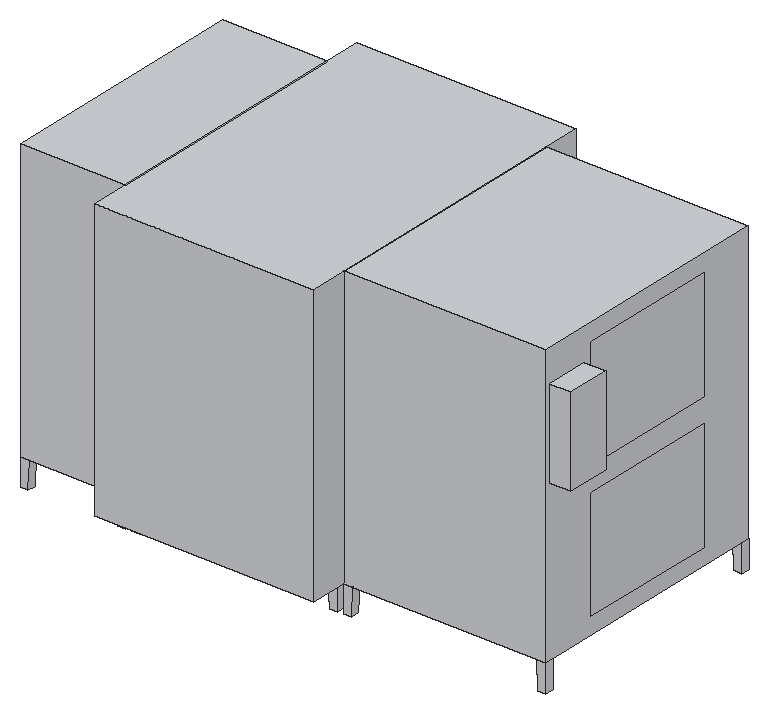
Revit family "AHU 11 _11", category Mechanické zařízení, Revit 2018
Family settings
  Kóta kulaté spojky = Použít průměr
  Typ dílu = Normální
  Číslo OmniClass = 23.75.00.00
  Nadpis OmniClass = Climate Control (HVAC)
  Založené na pracovní rovině = Ne
  Vždy vertikální = Ano
  Ořezat dutým tvarem při načtení = Ne
  Sdílené = Ne
  Bod výpočtu místnosti = Ne
Parameters (values of type "DUPLEXVENT 9000 Multi Eco")
  Width [instance] = 2.1 mm
  Weight [instance] = 1263.00 kg
  URL = ""
  Type [instance] = "DUPLEXVENT 9000 Multi Eco"
  Total_SFP [instance] = 0
  Supply_outlet_hum [instance] = 90
  Supply_inlet_hum [instance] = 90
  Supply_ext_pressure [instance] = 0.0 Pa
  Supply_SFP [instance] = 0
  Source_adu_file [instance] = ""
  Recuperation_type [instance] = "Plate heat recovery exchanger"
  Recuperation_efficiency_EN308 [instance] = 0
  Project_name [instance] = ""
  Project_date [instance] = "10.8.2023"
  Power_supply_fusing [instance] = "0"
  Power_supply_cable [instance] = "0"
  Position [instance] = "AHU 11 "
  Phases_count [instance] = 3
  Panel_thickness [instance] = 0.06 mm
  Outer_surface [instance] = "RAL 9002"
  Length [instance] = 3.37 mm
  Insulation_type [instance] = "PUR"
  Insulation_thickness [instance] = 0.05 mm
  Installation_environment [instance] = ""
  Input_power_max [instance] = 10400 W
  Inner_surface [instance] = "Pozink"
  I2 [instance] = I1  # 0.0 L/s
  Height [instance] = 1.795 mm
  Exhaust_outlet_hum [instance] = 40
  Exhaust_inlet_hum [instance] = 40
  Exhaust_ext_pressure [instance] = 0.0 Pa
  Exhaust_SFP [instance] = 0
  E1 [instance] = E2 - M1  # 0.0 L/s
  E2 [instance] = 0.0 L/s
  I1 [instance] = 0.0 L/s
  Description = ""
  M1 [instance] = 0.0 L/s
  Device_dutypoint_version [instance] = "0"
  Device_design_version [instance] = "9"
  Device_adu_id [instance] = "11"
  Current_max [instance] = 16.8 A
  Casing_mat [instance] = "painted zinc layer"
  Cable type [instance] = "CYKY 5Jx4"
Reference planes
  plane 1 "Střed (vpředu/vzadu)": y = 0
  plane 2 "ref": z = 0
  plane 3 "Střed (vlevo/vpravo)": x = 0
Forms (mm)
  Sweep 1, solid
    path origin (0, 0, 0) x (0, 0, 1) y (1, 0, 0)
      loop
        line (0, 0) -> (1795, 0)
    profile origin (0, 0, 0) x (1, 0, 0) y (0, 1, 0)
      loop
        line (0, 0) -> (671, 0) -> (671, 1620) -> (0, 1620) -> (0, 0)
  Sweep 2, solid
    path origin (0, 0, 0) x (0, 0, 1) y (1, 0, 0)
      loop
        line (0, 0) -> (1795, 0)
    profile origin (0, 0, 0) x (1, 0, 0) y (0, 1, 0)
      loop
        line (671, -240) -> (2074, -240) -> (2074, 1860) -> (671, 1860) -> (671, -240)
  Sweep 3, solid
    path origin (0, 0, 0) x (0, 0, 1) y (1, 0, 0)
      loop
        line (0, 0) -> (1795, 0)
    profile origin (0, 0, 0) x (1, 0, 0) y (0, 1, 0)
      loop
        line (2074, 0) -> (3367, 0) -> (3367, 1620) -> (2074, 1620) -> (2074, 0)
  Sweep 4, solid
    path origin (1, 810, 465) x (0, 1, 0) y (-1, 0, 0)
      loop
        line (0, 0) -> (0, 1)
    profile origin (1, 810, 465) x (0, -1, 0) y (0, 0, 1)
      loop
        line (-450, -355) -> (450, -355) -> (450, 355) -> (-450, 355) -> (-450, -355)
  Sweep 5, solid
    path origin (3369, 810, 1330) x (1, 0, 0) y (0, 1, 0)
      loop
        line (0, 0) -> (1, 0)
    profile origin (3369, 810, 1330) x (0, 1, 0) y (0, 0, 1)
      loop
        line (-450, 355) -> (-450, -355) -> (450, -355) -> (450, 355) -> (-450, 355)
  Sweep 6, solid
    path origin (3369, 810, 465) x (1, 0, 0) y (0, 1, 0)
      loop
        line (0, 0) -> (1, 0)
    profile origin (3369, 810, 465) x (0, 1, 0) y (0, 0, 1)
      loop
        line (-450, 355) -> (-450, -355) -> (450, -355) -> (450, 355) -> (-450, 355)
  Sweep 7, solid
    path origin (1, 810, 1330) x (0, 1, 0) y (-1, 0, 0)
      loop
        line (0, 0) -> (0, 1)
    profile origin (1, 810, 1330) x (0, -1, 0) y (0, 0, 1)
      loop
        line (-450, -355) -> (450, -355) -> (450, 355) -> (-450, 355) -> (-450, -355)
  Sweep 8, solid
    path origin (2613, 360, 0) x (0, -1, 0) y (0, 0, 1)
      loop
        line (0, 0) -> (0, -142)
    profile origin (2613, 360, 0) x (-1, 0, 0) y (0, -1, 0)
      loop
        circle (0, 0) r 8
  Sweep 9, solid
    path origin (2621, 360, -150) x (0, 0, -1) y (1, 0, 0)
      loop
        line (0, 0) -> (0, 14)
    profile origin (2621, 360, -150) x (0, 0, 1) y (0, -1, 0)
      loop
        circle (0, 0) r 8
  Sweep 10, solid
    path origin (2643, 360, -142) x (0, -1, 0) y (0, 0, 1)
      loop
        line (0, 0) -> (0, 59)
    profile origin (2643, 360, -142) x (0, 1, 0) y (-1, 0, 0)
      loop
        circle (0, 0) r 8
  Sweep 11, solid
    path origin (2651, 360, -75) x (0, 0, -1) y (1, 0, 0)
      loop
        line (0, 0) -> (0, 22)
    profile origin (2651, 360, -75) x (0, 0, 1) y (0, -1, 0)
      loop
        circle (0, 0) r 8
  Sweep 12, solid
    path origin (970, 360, 0) x (0, -1, 0) y (0, 0, 1)
      loop
        line (0, 0) -> (0, -142)
    profile origin (970, 360, 0) x (-1, 0, 0) y (0, -1, 0)
      loop
        circle (0, 0) r 8
  Sweep 13, solid
    path origin (978, 360, -150) x (0, 0, -1) y (1, 0, 0)
      loop
        line (0, 0) -> (0, 14)
    profile origin (978, 360, -150) x (0, 0, 1) y (0, -1, 0)
      loop
        circle (0, 0) r 8
  Sweep 14, solid
    path origin (1000, 360, -142) x (0, -1, 0) y (0, 0, 1)
      loop
        line (0, 0) -> (0, 59)
    profile origin (1000, 360, -142) x (0, 1, 0) y (-1, 0, 0)
      loop
        circle (0, 0) r 8
  Sweep 15, solid
    path origin (1008, 360, -75) x (0, 0, -1) y (1, 0, 0)
      loop
        line (0, 0) -> (0, 22)
    profile origin (1008, 360, -75) x (0, 0, 1) y (0, -1, 0)
      loop
        circle (0, 0) r 8
  Sweep 16, solid
    path origin (25, 50, 0) x (1, 0, 0) y (0, 1, 0)
      loop
        line (0, 0) -> (0, -50)
    profile origin (25, 50, 0) x (1, 0, 0) y (0, 0, 1)
      loop
        line (-25, 0) -> (-25, -175) -> (25, -175) -> (35, 0) -> (-25, 0)
  Sweep 17, solid
    path origin (3345, 50, 0) x (1, 0, 0) y (0, 1, 0)
      loop
        line (0, 0) -> (0, -50)
    profile origin (3345, 50, 0) x (1, 0, 0) y (0, 0, 1)
      loop
        line (-35, 0) -> (-25, -175) -> (25, -175) -> (25, 0) -> (-35, 0)
  Sweep 18, solid
    path origin (25, 1620, 0) x (1, 0, 0) y (0, 1, 0)
      loop
        line (0, 0) -> (0, -50)
    profile origin (25, 1620, 0) x (1, 0, 0) y (0, 0, 1)
      loop
        line (-25, 0) -> (-25, -175) -> (25, -175) -> (35, 0) -> (-25, 0)
  Sweep 19, solid
    path origin (3345, 1620, 0) x (1, 0, 0) y (0, 1, 0)
      loop
        line (0, 0) -> (0, -50)
    profile origin (3345, 1620, 0) x (1, 0, 0) y (0, 0, 1)
      loop
        line (-35, 0) -> (-25, -175) -> (25, -175) -> (25, 0) -> (-35, 0)
  Sweep 20, solid
    path origin (650, 50, 0) x (1, 0, 0) y (0, 1, 0)
      loop
        line (0, 0) -> (0, -50)
    profile origin (650, 50, 0) x (1, 0, 0) y (0, 0, 1)
      loop
        line (-35, 0) -> (-25, -175) -> (25, -175) -> (25, 0) -> (-35, 0)
  Sweep 21, solid
    path origin (650, 1620, 0) x (1, 0, 0) y (0, 1, 0)
      loop
        line (0, 0) -> (0, -50)
    profile origin (650, 1620, 0) x (1, 0, 0) y (0, 0, 1)
      loop
        line (-35, 0) -> (-25, -175) -> (25, -175) -> (25, 0) -> (-35, 0)
  Sweep 22, solid
    path origin (739, 50, 0) x (1, 0, 0) y (0, 1, 0)
      loop
        line (0, 0) -> (0, -50)
    profile origin (739, 50, 0) x (1, 0, 0) y (0, 0, 1)
      loop
        line (-25, 0) -> (-25, -175) -> (25, -175) -> (35, 0) -> (-25, 0)
  Sweep 23, solid
    path origin (739, 1620, 0) x (1, 0, 0) y (0, 1, 0)
      loop
        line (0, 0) -> (0, -50)
    profile origin (739, 1620, 0) x (1, 0, 0) y (0, 0, 1)
      loop
        line (-25, 0) -> (-25, -175) -> (25, -175) -> (35, 0) -> (-25, 0)
  Sweep 24, solid
    path origin (2009, 50, 0) x (1, 0, 0) y (0, 1, 0)
      loop
        line (0, 0) -> (0, -50)
    profile origin (2009, 50, 0) x (1, 0, 0) y (0, 0, 1)
      loop
        line (-35, 0) -> (-25, -175) -> (25, -175) -> (25, 0) -> (-35, 0)
  Sweep 25, solid
    path origin (2009, 1620, 0) x (1, 0, 0) y (0, 1, 0)
      loop
        line (0, 0) -> (0, -50)
    profile origin (2009, 1620, 0) x (1, 0, 0) y (0, 0, 1)
      loop
        line (-35, 0) -> (-25, -175) -> (25, -175) -> (25, 0) -> (-35, 0)
  Sweep 26, solid
    path origin (2098, 50, 0) x (1, 0, 0) y (0, 1, 0)
      loop
        line (0, 0) -> (0, -50)
    profile origin (2098, 50, 0) x (1, 0, 0) y (0, 0, 1)
      loop
        line (-25, 0) -> (-25, -175) -> (25, -175) -> (35, 0) -> (-25, 0)
  Sweep 27, solid
    path origin (2098, 1620, 0) x (1, 0, 0) y (0, 1, 0)
      loop
        line (0, 0) -> (0, -50)
    profile origin (2098, 1620, 0) x (1, 0, 0) y (0, 0, 1)
      loop
        line (-25, 0) -> (-25, -175) -> (25, -175) -> (35, 0) -> (-25, 0)
  Sweep 28, solid
    path origin (0, 0, 1024) x (0, 0, 1) y (1, 0, 0)
      loop
        line (0, 0) -> (570, 0)
    profile origin (0, 0, 1024) x (1, 0, 0) y (0, 1, 0)
      loop
        line (3370, 25) -> (3510, 25) -> (3510, 300) -> (3370, 300) -> (3370, 25)
  Sweep 29, solid
    path origin (3440, 163, 1024) x (0, -1, 0) y (0, 0, 1)
      loop
        line (0, 0) -> (0, -1)
    profile origin (3440, 163, 1024) x (-1, 0, 0) y (0, -1, 0)
      loop
        circle (0, 0) r 10
Lines and regions (mm)
  model lines, style "Symbol"
    curve 1: line (1382, -240, 0) -> (1382, -240, 359)
    curve 2: line (1382, -240, 1795) -> (1382, -240, 1436)
    curve 3: line (0, 0, 897) -> (671, 0, 897)
    curve 4: line (671, -240, 897) -> (843, -240, 897)
    curve 5: line (2074, -240, 897) -> (1920, -240, 897)
    curve 6: line (2074, 0, 897) -> (3370, 0, 897)
    curve 7: line (843, -240, 897) -> (1112, -240, 1436)
    curve 8: line (1112, -240, 1436) -> (1651, -240, 1436)
    curve 9: line (1651, -240, 1436) -> (1920, -240, 897)
    curve 10: line (1920, -240, 897) -> (1651, -240, 359)
    curve 11: line (1651, -240, 359) -> (1382, -240, 359)
    curve 12: line (1382, -240, 359) -> (1112, -240, 359)
    curve 13: line (1112, -240, 359) -> (843, -240, 897)
    curve 14: line (2975, 0, 1474) -> (3262, 0, 1425)
    curve 15: line (2975, 0, 1218) -> (3262, 0, 1267)
    curve 16: line (395, 0, 1218) -> (108, 0, 1267)
    curve 17: line (395, 0, 1474) -> (108, 0, 1425)
    curve 18: line (67, 0, 179) -> (67, 0, 718)
    curve 19: line (67, 0, 718) -> (270, 0, 718)
    curve 20: line (270, 0, 718) -> (270, 0, 179)
    curve 21: line (270, 0, 179) -> (67, 0, 179)
    curve 22: line (169, 0, 179) -> (270, 0, 449)
    curve 23: line (169, 0, 718) -> (270, 0, 449)
    curve 24: line (3303, 0, 718) -> (3303, 0, 179)
    curve 25: line (3303, 0, 179) -> (3100, 0, 179)
    curve 26: line (3100, 0, 179) -> (3100, 0, 718)
    curve 27: line (3100, 0, 718) -> (3303, 0, 718)
    curve 28: line (3201, 0, 718) -> (3100, 0, 449)
    curve 29: line (3201, 0, 179) -> (3100, 0, 449)
    curve 30: line (1015, -240, 314) -> (771, -240, 794)
    curve 31: line (771, -240, 794) -> (851, -240, 835)
    curve 32: line (851, -240, 835) -> (1095, -240, 355)
    curve 33: line (1095, -240, 355) -> (1015, -240, 314)
    curve 34: line (868, -240, 622) -> (900, -240, 719)
    curve 35: line (966, -240, 430) -> (998, -240, 527)
    curve 36: line (0, -1600, 0) -> (0, -240, 0)
    curve 37: line (3370, -1600, 0) -> (3370, -240, 0)
    curve 38: line (0, -1600, 0) -> (3370, -1600, 0)
    curve 39: line (0, -1600, 1795) -> (0, -240, 1795)
    curve 40: line (3370, -1600, 1795) -> (3370, -240, 1795)
    curve 41: line (0, -1600, 1795) -> (3370, -1600, 1795)
    curve 42: line (0, -1600, 0) -> (0, -1600, 1795)
    curve 43: line (3370, -1600, 0) -> (3370, -1600, 1795)
    curve 44: line (0, -1600, 1595) -> (200, -1600, 1795)
    curve 45: line (0, -1600, 1395) -> (400, -1600, 1795)
    curve 46: line (0, -1600, 1195) -> (600, -1600, 1795)
    curve 47: line (0, -1600, 995) -> (800, -1600, 1795)
    curve 48: line (0, -1600, 795) -> (1000, -1600, 1795)
    curve 49: line (0, -1600, 595) -> (1200, -1600, 1795)
    curve 50: line (0, -1600, 395) -> (1400, -1600, 1795)
    curve 51: line (0, -1600, 195) -> (1600, -1600, 1795)
    curve 52: line (5, -1600, 0) -> (1800, -1600, 1795)
    curve 53: line (205, -1600, 0) -> (2000, -1600, 1795)
    curve 54: line (405, -1600, 0) -> (2200, -1600, 1795)
    curve 55: line (605, -1600, 0) -> (2400, -1600, 1795)
    curve 56: line (805, -1600, 0) -> (2600, -1600, 1795)
    curve 57: line (1005, -1600, 0) -> (2800, -1600, 1795)
    curve 58: line (1205, -1600, 0) -> (3000, -1600, 1795)
    curve 59: line (1405, -1600, 0) -> (3200, -1600, 1795)
    curve 60: line (1605, -1600, 0) -> (3370, -1600, 1765)
    curve 61: line (1805, -1600, 0) -> (3370, -1600, 1565)
    curve 62: line (2005, -1600, 0) -> (3370, -1600, 1365)
    curve 63: line (2205, -1600, 0) -> (3370, -1600, 1165)
    curve 64: line (2405, -1600, 0) -> (3370, -1600, 965)
    curve 65: line (2605, -1600, 0) -> (3370, -1600, 765)
    curve 66: line (2805, -1600, 0) -> (3370, -1600, 565)
    curve 67: line (3005, -1600, 0) -> (3370, -1600, 365)
    curve 68: line (3205, -1600, 0) -> (3370, -1600, 165)
    curve 69: line (3370, -1600, 1595) -> (3370, -1400, 1795)
    curve 70: line (3370, -1600, 1395) -> (3370, -1200, 1795)
    curve 71: line (3370, -1600, 1195) -> (3370, -1000, 1795)
    curve 72: line (3370, -1600, 995) -> (3370, -800, 1795)
    curve 73: line (3370, -1600, 795) -> (3370, -600, 1795)
    curve 74: line (3370, -1600, 595) -> (3370, -400, 1795)
    curve 75: line (3370, -1600, 395) -> (3370, -240, 1755)
    curve 76: line (3370, -1600, 195) -> (3370, -240, 1555)
    curve 77: line (3370, -1595, 0) -> (3370, -240, 1355)
    curve 78: line (3370, -1395, 0) -> (3370, -240, 1155)
    curve 79: line (3370, -1195, 0) -> (3370, -240, 955)
    curve 80: line (3370, -995, 0) -> (3370, -240, 755)
    curve 81: line (3370, -795, 0) -> (3370, -240, 555)
    curve 82: line (3370, -595, 0) -> (3370, -240, 355)
    curve 83: line (3370, -395, 0) -> (3370, -240, 155)
    curve 84: line (0, -1400, 1795) -> (200, -1600, 1795)
    curve 85: line (0, -1200, 1795) -> (400, -1600, 1795)
    curve 86: line (0, -1000, 1795) -> (600, -1600, 1795)
    curve 87: line (0, -800, 1795) -> (800, -1600, 1795)
    curve 88: line (0, -600, 1795) -> (1000, -1600, 1795)
    curve 89: line (0, -400, 1795) -> (1200, -1600, 1795)
    curve 90: line (40, -240, 1795) -> (1400, -1600, 1795)
    curve 91: line (240, -240, 1795) -> (1600, -1600, 1795)
    curve 92: line (440, -240, 1795) -> (1800, -1600, 1795)
    curve 93: line (640, -240, 1795) -> (2000, -1600, 1795)
    curve 94: line (840, -240, 1795) -> (2200, -1600, 1795)
    curve 95: line (1040, -240, 1795) -> (2400, -1600, 1795)
    curve 96: line (1240, -240, 1795) -> (2600, -1600, 1795)
    curve 97: line (1440, -240, 1795) -> (2800, -1600, 1795)
    curve 98: line (1640, -240, 1795) -> (3000, -1600, 1795)
    curve 99: line (1840, -240, 1795) -> (3200, -1600, 1795)
    curve 100: line (2040, -240, 1795) -> (3370, -1570, 1795)
    curve 101: line (2240, -240, 1795) -> (3370, -1370, 1795)
    curve 102: line (2440, -240, 1795) -> (3370, -1170, 1795)
    curve 103: line (2640, -240, 1795) -> (3370, -970, 1795)
    curve 104: line (2840, -240, 1795) -> (3370, -770, 1795)
    curve 105: line (3040, -240, 1795) -> (3370, -570, 1795)
    curve 106: line (3240, -240, 1795) -> (3370, -370, 1795)
    curve 107: line (4090, 0, 0) -> (3370, 0, 0)
    curve 108: line (4090, 1620, 0) -> (3370, 1620, 0)
    curve 109: line (4090, 0, 0) -> (4090, 1620, 0)
    curve 110: line (4090, 0, 1795) -> (3370, 0, 1795)
    curve 111: line (4090, 1620, 1795) -> (3370, 1620, 1795)
    curve 112: line (4090, 0, 1795) -> (4090, 1620, 1795)
    curve 113: line (4090, 0, 0) -> (4090, 0, 1795)
    curve 114: line (4090, 1620, 0) -> (4090, 1620, 1795)
    curve 115: line (4090, 0, 1595) -> (4090, 200, 1795)
    curve 116: line (4090, 0, 1395) -> (4090, 400, 1795)
    curve 117: line (4090, 0, 1195) -> (4090, 600, 1795)
    curve 118: line (4090, 0, 995) -> (4090, 800, 1795)
    curve 119: line (4090, 0, 795) -> (4090, 1000, 1795)
    curve 120: line (4090, 0, 595) -> (4090, 1200, 1795)
    curve 121: line (4090, 0, 395) -> (4090, 1400, 1795)
    curve 122: line (4090, 0, 195) -> (4090, 1600, 1795)
    curve 123: line (4090, 5, 0) -> (4090, 1620, 1615)
    curve 124: line (4090, 205, 0) -> (4090, 1620, 1415)
    curve 125: line (4090, 405, 0) -> (4090, 1620, 1215)
    curve 126: line (4090, 605, 0) -> (4090, 1620, 1015)
    curve 127: line (4090, 805, 0) -> (4090, 1620, 815)
    curve 128: line (4090, 1005, 0) -> (4090, 1620, 615)
    curve 129: line (4090, 1205, 0) -> (4090, 1620, 415)
    curve 130: line (4090, 1405, 0) -> (4090, 1620, 215)
    curve 131: line (4090, 1605, 0) -> (4090, 1620, 15)
    curve 132: line (4090, 1620, 1595) -> (3890, 1620, 1795)
    curve 133: line (4090, 1620, 1395) -> (3690, 1620, 1795)
    curve 134: line (4090, 1620, 1195) -> (3490, 1620, 1795)
    curve 135: line (4090, 1620, 995) -> (3370, 1620, 1715)
    curve 136: line (4090, 1620, 795) -> (3370, 1620, 1515)
    curve 137: line (4090, 1620, 595) -> (3370, 1620, 1315)
    curve 138: line (4090, 1620, 395) -> (3370, 1620, 1115)
    curve 139: line (4090, 1620, 195) -> (3370, 1620, 915)
    curve 140: line (4085, 1620, 0) -> (3370, 1620, 715)
    curve 141: line (3885, 1620, 0) -> (3370, 1620, 515)
    curve 142: line (3685, 1620, 0) -> (3370, 1620, 315)
    curve 143: line (3485, 1620, 0) -> (3370, 1620, 115)
    curve 144: line (3890, 0, 1795) -> (4090, 200, 1795)
    curve 145: line (3690, 0, 1795) -> (4090, 400, 1795)
    curve 146: line (3490, 0, 1795) -> (4090, 600, 1795)
    curve 147: line (3370, 80, 1795) -> (4090, 800, 1795)
    curve 148: line (3370, 280, 1795) -> (4090, 1000, 1795)
    curve 149: line (3370, 480, 1795) -> (4090, 1200, 1795)
    curve 150: line (3370, 680, 1795) -> (4090, 1400, 1795)
    curve 151: line (3370, 880, 1795) -> (4090, 1600, 1795)
    curve 152: line (3370, 1080, 1795) -> (3910, 1620, 1795)
    curve 153: line (3370, 1280, 1795) -> (3710, 1620, 1795)
    curve 154: line (3370, 1480, 1795) -> (3510, 1620, 1795)
    curve 155: line (0, 1620, -200) -> (0, 1620, 0)
    curve 156: line (3370, 1620, -200) -> (3370, 1620, 0)
    curve 157: line (0, 1620, -200) -> (3370, 1620, -200)
    curve 158: line (0, 0, -200) -> (0, 0, 0)
    curve 159: line (3370, 0, -200) -> (3370, 0, 0)
    curve 160: line (0, 0, -200) -> (3370, 0, -200)
    curve 161: line (0, 1620, -200) -> (0, 0, -200)
    curve 162: line (3370, 1620, -200) -> (3370, 0, -200)
    curve 163: line (0, 200, -200) -> (200, 0, -200)
    curve 164: line (0, 400, -200) -> (400, 0, -200)
    curve 165: line (0, 600, -200) -> (600, 0, -200)
    curve 166: line (0, 800, -200) -> (800, 0, -200)
    curve 167: line (0, 1000, -200) -> (1000, 0, -200)
    curve 168: line (0, 1200, -200) -> (1200, 0, -200)
    curve 169: line (0, 1400, -200) -> (1400, 0, -200)
    curve 170: line (0, 1600, -200) -> (1600, 0, -200)
    curve 171: line (180, 1620, -200) -> (1800, 0, -200)
    curve 172: line (380, 1620, -200) -> (2000, 0, -200)
    curve 173: line (580, 1620, -200) -> (2200, 0, -200)
    curve 174: line (780, 1620, -200) -> (2400, 0, -200)
    curve 175: line (980, 1620, -200) -> (2600, 0, -200)
    curve 176: line (1180, 1620, -200) -> (2800, 0, -200)
    curve 177: line (1380, 1620, -200) -> (3000, 0, -200)
    curve 178: line (1580, 1620, -200) -> (3200, 0, -200)
    curve 179: line (1780, 1620, -200) -> (3370, 30, -200)
    curve 180: line (1980, 1620, -200) -> (3370, 230, -200)
    curve 181: line (2180, 1620, -200) -> (3370, 430, -200)
    curve 182: line (2380, 1620, -200) -> (3370, 630, -200)
    curve 183: line (2580, 1620, -200) -> (3370, 830, -200)
    curve 184: line (2780, 1620, -200) -> (3370, 1030, -200)
    curve 185: line (2980, 1620, -200) -> (3370, 1230, -200)
    curve 186: line (3180, 1620, -200) -> (3370, 1430, -200)
    curve 187: line (3370, 200, -200) -> (3370, 0, 0)
    curve 188: line (3370, 400, -200) -> (3370, 200, 0)
    curve 189: line (3370, 600, -200) -> (3370, 400, 0)
    curve 190: line (3370, 800, -200) -> (3370, 600, 0)
    curve 191: line (3370, 1000, -200) -> (3370, 800, 0)
    curve 192: line (3370, 1200, -200) -> (3370, 1000, 0)
    curve 193: line (3370, 1400, -200) -> (3370, 1200, 0)
    curve 194: line (3370, 1600, -200) -> (3370, 1400, 0)
    curve 195: line (3370, 1620, -20) -> (3370, 1600, 0)
    curve 196: line (0, 0, 0) -> (200, 0, -200)
    curve 197: line (200, 0, 0) -> (400, 0, -200)
    curve 198: line (400, 0, 0) -> (600, 0, -200)
    curve 199: line (600, 0, 0) -> (800, 0, -200)
    curve 200: line (800, 0, 0) -> (1000, 0, -200)
    curve 201: line (1000, 0, 0) -> (1200, 0, -200)
    curve 202: line (1200, 0, 0) -> (1400, 0, -200)
    curve 203: line (1400, 0, 0) -> (1600, 0, -200)
    curve 204: line (1600, 0, 0) -> (1800, 0, -200)
    curve 205: line (1800, 0, 0) -> (2000, 0, -200)
    curve 206: line (2000, 0, 0) -> (2200, 0, -200)
    curve 207: line (2200, 0, 0) -> (2400, 0, -200)
    curve 208: line (2400, 0, 0) -> (2600, 0, -200)
    curve 209: line (2600, 0, 0) -> (2800, 0, -200)
    curve 210: line (2800, 0, 0) -> (3000, 0, -200)
    curve 211: line (3000, 0, 0) -> (3200, 0, -200)
    curve 212: line (3200, 0, 0) -> (3370, 0, -170)
    curve 213: line (0, 0, 2395) -> (0, 0, 1795)
    curve 214: line (3370, 0, 2395) -> (3370, 0, 1795)
    curve 215: line (0, 0, 2395) -> (3370, 0, 2395)
    curve 216: line (0, 1620, 2395) -> (0, 1620, 1795)
    curve 217: line (3370, 1620, 2395) -> (3370, 1620, 1795)
    curve 218: line (0, 1620, 2395) -> (3370, 1620, 2395)
    curve 219: line (0, 0, 2395) -> (0, 1620, 2395)
    curve 220: line (3370, 0, 2395) -> (3370, 1620, 2395)
    curve 221: line (0, 1420, 2395) -> (200, 1620, 2395)
    curve 222: line (0, 1220, 2395) -> (400, 1620, 2395)
    curve 223: line (0, 1020, 2395) -> (600, 1620, 2395)
    curve 224: line (0, 820, 2395) -> (800, 1620, 2395)
    curve 225: line (0, 620, 2395) -> (1000, 1620, 2395)
    curve 226: line (0, 420, 2395) -> (1200, 1620, 2395)
    curve 227: line (0, 220, 2395) -> (1400, 1620, 2395)
    curve 228: line (0, 20, 2395) -> (1600, 1620, 2395)
    curve 229: line (180, 0, 2395) -> (1800, 1620, 2395)
    curve 230: line (380, 0, 2395) -> (2000, 1620, 2395)
    curve 231: line (580, 0, 2395) -> (2200, 1620, 2395)
    curve 232: line (780, 0, 2395) -> (2400, 1620, 2395)
    curve 233: line (980, 0, 2395) -> (2600, 1620, 2395)
    curve 234: line (1180, 0, 2395) -> (2800, 1620, 2395)
    curve 235: line (1380, 0, 2395) -> (3000, 1620, 2395)
    curve 236: line (1580, 0, 2395) -> (3200, 1620, 2395)
    curve 237: line (1780, 0, 2395) -> (3370, 1590, 2395)
    curve 238: line (1980, 0, 2395) -> (3370, 1390, 2395)
    curve 239: line (2180, 0, 2395) -> (3370, 1190, 2395)
    curve 240: line (2380, 0, 2395) -> (3370, 990, 2395)
    curve 241: line (2580, 0, 2395) -> (3370, 790, 2395)
    curve 242: line (2780, 0, 2395) -> (3370, 590, 2395)
    curve 243: line (2980, 0, 2395) -> (3370, 390, 2395)
    curve 244: line (3180, 0, 2395) -> (3370, 190, 2395)
    curve 245: line (3370, 1420, 2395) -> (3370, 1620, 2195)
    curve 246: line (3370, 1220, 2395) -> (3370, 1620, 1995)
    curve 247: line (3370, 1020, 2395) -> (3370, 1620, 1795)
    curve 248: line (3370, 820, 2395) -> (3370, 1420, 1795)
    curve 249: line (3370, 620, 2395) -> (3370, 1220, 1795)
    curve 250: line (3370, 420, 2395) -> (3370, 1020, 1795)
    curve 251: line (3370, 220, 2395) -> (3370, 820, 1795)
    curve 252: line (3370, 20, 2395) -> (3370, 620, 1795)
    curve 253: line (3370, 0, 2215) -> (3370, 420, 1795)
    curve 254: line (3370, 0, 2015) -> (3370, 220, 1795)
    curve 255: line (3370, 0, 1815) -> (3370, 20, 1795)
    curve 256: line (0, 1620, 2195) -> (200, 1620, 2395)
    curve 257: line (0, 1620, 1995) -> (400, 1620, 2395)
    curve 258: line (0, 1620, 1795) -> (600, 1620, 2395)
    curve 259: line (200, 1620, 1795) -> (800, 1620, 2395)
    curve 260: line (400, 1620, 1795) -> (1000, 1620, 2395)
    curve 261: line (600, 1620, 1795) -> (1200, 1620, 2395)
    curve 262: line (800, 1620, 1795) -> (1400, 1620, 2395)
    curve 263: line (1000, 1620, 1795) -> (1600, 1620, 2395)
    curve 264: line (1200, 1620, 1795) -> (1800, 1620, 2395)
    curve 265: line (1400, 1620, 1795) -> (2000, 1620, 2395)
    curve 266: line (1600, 1620, 1795) -> (2200, 1620, 2395)
    curve 267: line (1800, 1620, 1795) -> (2400, 1620, 2395)
    curve 268: line (2000, 1620, 1795) -> (2600, 1620, 2395)
    curve 269: line (2200, 1620, 1795) -> (2800, 1620, 2395)
    curve 270: line (2400, 1620, 1795) -> (3000, 1620, 2395)
    curve 271: line (2600, 1620, 1795) -> (3200, 1620, 2395)
    curve 272: line (2800, 1620, 1795) -> (3370, 1620, 2365)
    curve 273: line (3000, 1620, 1795) -> (3370, 1620, 2165)
    curve 274: line (3200, 1620, 1795) -> (3370, 1620, 1965)
    curve 275: circle (3101, 0, 1346) r 179 normal (0, -1, 0)
    curve 276: circle (269, 0, 1346) r 179 normal (0, -1, 0)
    curve 277: circle (884, -240, 670) r 13 normal (0, -1, 0)
    curve 278: circle (982, -240, 478) r 13 normal (0, -1, 0)
    curve 279: circle (2613, 360, 0) r 8 normal (0, 0, -1)
    curve 280: circle (2613, 360, -142) r 8 normal (0, 0, -1)
    curve 281: circle (970, 360, 0) r 8 normal (0, 0, -1)
    curve 282: circle (970, 360, -142) r 8 normal (0, 0, -1)
Dimensions and locks
  aligned and locked: level to plane 2 "ref"
Connectors
  hvac at (0, 810, 465), driven by "E1"
    settings: on Sweep 4, index 1, duct flow 0.0 L/s, flow factor 0, pres drop 0.0 Pa, loss coef 0, conn angle 0.00°, conn width 900 mm, conn height 710 mm, conn diameter 609.6 mm, duct sys type 1, conn prof type 1, flow config 1, flow direction 1, loss method 0, conn ref index -1, conn util no, is conn primary yes, conn desc ""
  hvac at (3370, 810, 1330), driven by "E2"
    settings: on Sweep 5, index 2, duct flow 0.0 L/s, flow factor 1, pres drop 0.0 Pa, loss coef 0, conn angle 0.00°, conn width 900 mm, conn height 710 mm, conn diameter 609.6 mm, duct sys type 1, conn prof type 1, flow config 2, flow direction 2, loss method 0, conn ref index -1, conn util no, is conn primary no, conn desc ""
  hvac at (3370, 810, 465), driven by "I1"
    settings: on Sweep 6, index 3, duct flow 0.0 L/s, flow factor 1, pres drop 0.0 Pa, loss coef 0, conn angle 0.00°, conn width 900 mm, conn height 710 mm, conn diameter 609.6 mm, duct sys type 3, conn prof type 1, flow config 2, flow direction 1, loss method 0, conn ref index -1, conn util no, is conn primary no, conn desc ""
  hvac at (0, 810, 1330), driven by "I2"
    settings: on Sweep 7, index 4, duct flow 0.0 L/s, flow factor 0, pres drop 0.0 Pa, loss coef 0, conn angle 0.00°, conn width 900 mm, conn height 710 mm, conn diameter 609.6 mm, duct sys type 3, conn prof type 1, flow config 1, flow direction 2, loss method 0, conn ref index -1, conn util no, is conn primary no, conn desc ""
  piping at (2673, 360, -75), diameter 40
    settings: on Sweep 11, index 5, connector inside diameter 609.6 mm, connector length 0 mm, flow factor 0, pipe flow 0.0 L/s, pressure drop 0.0 Pa, fitting loss kfactor 0, connector angle 0.00°, fixture units 0, engagement length 0 mm, angle of deflection 0.00°, flow configuration 1, flow direction 2, fitting loss method 0, system type 16, joint type 0, gender type 0, connector reference index -1, connector utility 0, adjustable connector no, is connector primary yes, connector description ""
  piping at (1030, 360, -75), diameter 40
    settings: on Sweep 15, index 6, connector inside diameter 609.6 mm, connector length 0 mm, flow factor 0, pipe flow 0.0 L/s, pressure drop 0.0 Pa, fitting loss kfactor 0, connector angle 0.00°, fixture units 0, engagement length 0 mm, angle of deflection 0.00°, flow configuration 1, flow direction 2, fitting loss method 0, system type 16, joint type 0, gender type 0, connector reference index -1, connector utility 0, adjustable connector no, is connector primary no, connector description ""
  electrical at (3440, 163, 1023)
    settings: on Sweep 29, index 7, voltage 400 V, apparent load 0 VA, apparent load phase1 0 VA, apparent load phase2 0 VA, apparent load phase3 0 VA, power factor 1, load classification "Další", number of poles 3, system type 31, power factor state 1, is connector primary yes, connector utility no, sub classification motor no, connector description ""
